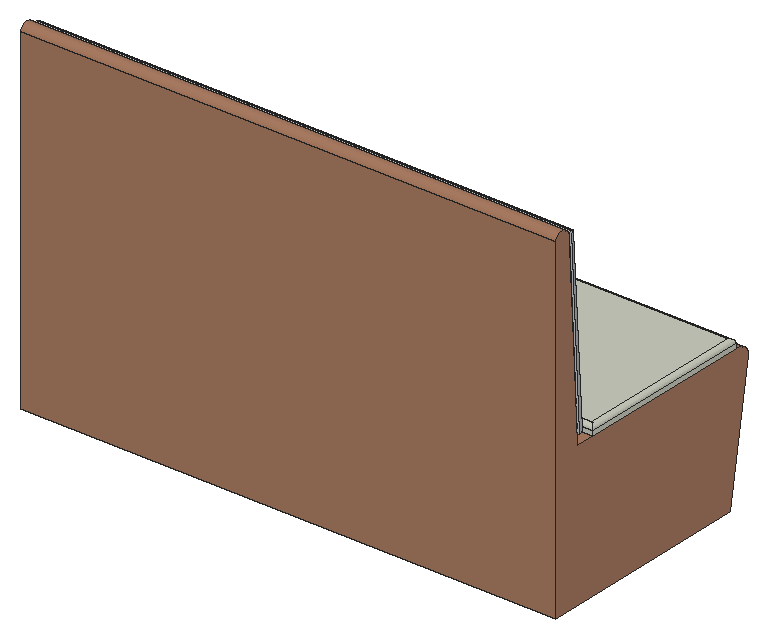
Revit family "AlcoveRecessed_Upholstered_Bench_11271", category Обобщенные модели, Revit 2017
Family settings
  Может служить основой для арматурных стержней = Нет
  Размер круглого соединителя = Использовать диаметр
  Тип детали = Нормальный
  На основе рабочей плоскости = Нет
  Всегда вертикально = Да
  При загрузке вырезать с полостями = Нет
  Общий = Нет
  Точка расчета площади = Нет
Parameters
  Upholstery Material = Cloth- Bench
  Length = 5' - 0"
  Bench Material = Wood- Bench
Reference planes (in)
  plane 1 "Center (Front/Back)": y = 0
  plane 2: z = 0
  plane 3 "Center (Left/Right)": x = 0
  plane 4: x = -30
  plane 5: x = 30
  plane 6: y = -13.5
  plane 7: y = 13.5
  plane 8: z = 16
  plane 9: z = 17
Forms (in)
  Extrusion 1, solid, material "Wood- Bench" <- "Bench Material"
    sketch origin (0, 0, 0) x (0, 1, 0) y (0, 0, 1)
      loop
        line (10.94326, 0) -> (13.5, 14.5)
        arc (13.5, 14.5) -> (13.06066, 15.56066) -> (12, 16) r 1.5
        line (12, 16) -> (-10.5, 16) -> (-11.71398, 37.85164)
        arc (-11.71398, 37.85164) -> (-12.61801, 38.50014) -> (-13.5, 37.82197) r 0.9329
        line (-13.5, 37.82197) -> (-13.5, 0) -> (10.94326, 0)
    from -30 to 30
  Extrusion 2, solid, material "Cloth- Bench" <- "Upholstery Material"
    sketch origin (0, 0, 0) x (0, 1, 0) y (0, 0, 1)
      loop
        line (-8.25, 16) -> (11.75, 16) -> (11.75, 17) -> (-8.25, 17) -> (-8.25, 16)
    from -30 to 30
  Extrusion 3, solid
    sketch origin (0, 0, 0) x (0, 1, 0) y (0, 0, 1)
      loop
        line (-10.5563, 17.01343) -> (-9.55784, 17.0689) -> (-10.7156, 37.90864) -> (-11.71407, 37.85317) -> (-10.5563, 17.01343)
    from -30 to 30
  Sweep 4, void
    path in 3D
      loop
        line (-30, 11.75, 17) -> (-30, -8.25, 17) -> (30, -8.25, 17) -> (30, 11.75, 17) -> (-30, 11.75, 17)
    profile origin (0, 11.75, 17) x (0, -1, 0) y (0, 0, 1)
      loop
        line (0, 0) -> (0, -0.5)
        arc (0, -0.5) -> (0.14645, -0.14645) -> (0.5, 0) r 0.5
        line (0.5, 0) -> (0, 0)
  Sweep 5, void
    path in 3D
      loop
        line (-30, -9.55784, 17.0689) -> (-30, -10.7156, 37.90864) -> (30, -10.7156, 37.90864) -> (30, -9.55784, 17.0689) -> (-30, -9.55784, 17.0689)
    profile origin (0, -9.55784, 17.0689) x (0, -0.05547, 0.99846) y (0, 0.99846, 0.05547)
      loop
        line (0, 0) -> (0, -0.5)
        arc (0, -0.5) -> (0.14645, -0.14645) -> (0.5, 0) r 0.5
        line (0.5, 0) -> (0, 0)
Cuts and joins
  Sweep 4, Sweep 5 cuts Extrusion 1
  Sweep 4 cuts Extrusion 2
  Sweep 5 cuts Extrusion 3
Lines and regions (in)
  sketch lines
    curve 1: line (30, 11.75, 17) -> (-30, 11.75, 17)
    curve 2: line (-30, -8.25, 17) -> (-30, 11.75, 17)
    curve 3: line (30, -8.25, 17) -> (-30, -8.25, 17)
    curve 4: line (30, 11.75, 17) -> (30, -8.25, 17)
    curve 5: line (30, -9.55784, 17.0689) -> (-30, -9.55784, 17.0689)
    curve 6: line (-30, -10.7156, 37.90864) -> (-30, -9.55784, 17.0689)
    curve 7: line (30, -10.7156, 37.90864) -> (-30, -10.7156, 37.90864)
    curve 8: line (30, -9.55784, 17.0689) -> (30, -10.7156, 37.90864)
Dimensions and locks (in)
  equal spacing: plane 4, plane 3 "Center (Left/Right)", plane 5
  "Length": plane 4 to plane 5
  equal spacing: plane 7, plane 1 "Center (Front/Back)", plane 6
  locked: plane 7 to plane 6 at 27
  locked: plane 8 to level at 16
  locked: plane 9 to plane 8 at 1
  aligned and locked: Extrusion 1 sketch curve to plane 8
  aligned and locked: Extrusion 1 sketch curve to level
  aligned and locked: Extrusion 1 sketch curve to plane 6
  aligned and locked: Extrusion 1 to plane 5
  aligned and locked: Extrusion 1 to plane 4
  aligned and locked: plane 8 to Extrusion 1  (x2)
  aligned and locked: Extrusion 2 to plane 9
  aligned and locked: Extrusion 2 to plane 5
  aligned and locked: Extrusion 2 to plane 4
  aligned: Extrusion 3 to plane 8
  aligned and locked: plane 5 to Extrusion 2
  aligned and locked: plane 4 to Extrusion 2
  aligned and locked: Extrusion 2 to plane 8
  aligned and locked: Extrusion 1 to plane 6
  aligned and locked: cut or joined group of Extrusion 3, Sweep 5 to plane 4
  aligned and locked: cut or joined group of Extrusion 3, Sweep 5 to plane 5
  aligned and locked: cut or joined group of Extrusion 2, Sweep 4 to plane 9
Automatic sketch dimensions
  Extrusion 1 sketch curve to plane 7 = 0' - 0"
  plane 7 to Extrusion 1 sketch curve = 0' - 2.55674"
  plane 6 to Extrusion 1 sketch curve = 0' - 0.89749"
  Extrusion 1 sketch curve to Extrusion 1 sketch curve = 0' - 0.88853"
  plane 6 to Extrusion 1 sketch curve = 0' - 3"
  plane 7 to Extrusion 1 sketch curve = 0' - 1 1/2"
  Extrusion 1 sketch curve to Extrusion 1 sketch curve = 0' - 0.28426"
  plane 9 to Extrusion 2 sketch curve = 0' - 0"
  Extrusion 2 sketch curve to plane 8 = 0' - 0"
  plane 6 to Extrusion 2 sketch curve = 0' - 5 1/4"
  plane 7 to Extrusion 2 sketch curve = 0' - 1 3/4"
  Sweep 4 sketch curve to profile plane = 0' - 0"  (x2)
  Sweep 4 sketch curve to Sweep 4 sketch curve = 0' - 0 1/2"
  plane 6 to Extrusion 3 sketch curve = 0' - 1.78593"
  plane 6 to Extrusion 3 sketch curve = 0' - 2.9437"
  Extrusion 3 sketch curve to plane 9 = 0' - 0.0689"
  Extrusion 3 sketch curve to plane 9 = 0' - 0.01343"
  Extrusion 3 sketch curve to Extrusion 3 sketch curve = 0' - 0.99846"
  profile plane to Sweep 5 sketch curve = 0' - 0"
  Sweep 5 sketch curve to profile plane = 0' - 0"
  Sweep 5 sketch curve to profile plane = 0' - 0 1/2"
  Extrusion 1 sketch curve to plane 9 = 1' - 8.56737"
